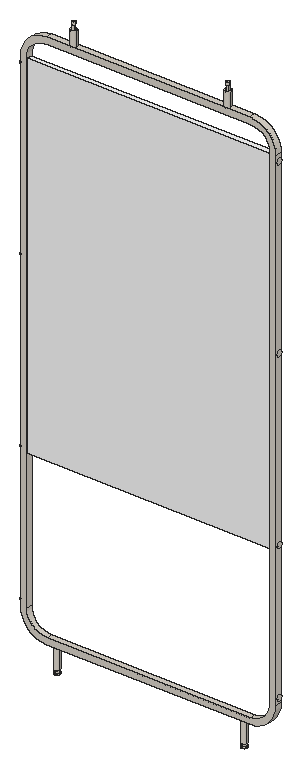
Revit family "Lives-Post+Beam_Fixed Panel_Whiteboard+Spandrel_BLS5B4", category Furniture, Revit 2021
Family settings
  OmniClass Number = 23.40.20.00
  OmniClass Title = General Furniture and Specialties
  Work Plane-Based = No
  Always vertical = Yes
  Cut with Voids When Loaded = No
  Shared = No
  Room Calculation Point = No
Parameters (values of type "（ライトグレージュ）")
  Manufacturer = "株式会社オカムラ"
  製品名称 [instance] = "ライブス ポストビーム"  # constant formula
  製品コード/色仕様 = "BLS5B4"  # constant formula
  製品コード [instance] = "BLS5B4"  # constant formula
  色仕様名称 [instance] = "ライトグレージュ"
  色仕様コード [instance] = ""
  本体 = okm_ZH17
  導入日 [instance] = ""
  共通仕様 = ""
  備考 = ""
  シリアルNo [instance] = ""
  Keynote = "12490"
  パネル = okm_ZE50
  Default Elevation = 0.0"
  Assembly Code = "E2020200"
  W = 35.43307"  # constant formula
  URL = "http://www.okamura.co.jp/"
  Product_URL = ""
  ID [instance] = ""
  H = 80.31496"  # constant formula
  D = 0.82677"  # constant formula
  Copyright [instance] = "©2022.10 okamura Corp."  # constant formula
Types (5): name | 色仕様名称 | 本体
  (no name) | "ライトグレージュ" | okm_ZH17
  （ライトグレージュ） | "ライトグレージュ" | okm_ZH17
  （ブラック） | "ブラック" | okm_ZK25
  （ネオホワイト） | "ネオホワイト" | okm_ZA75
  （ダークグレー） | "ダークグレー" | okm_ZH15
Reference planes (in)
  plane 1 "中心(正面/背面)": y = 0
  plane 2: z = 0
  plane 3 "中心(左/右)": x = 0
  plane 4 "左": x = -17.71654
  plane 5 "右": x = 17.71654
  plane 6 "背面": y = 0.41339
  plane 7 "正面": y = -0.41339
  plane 8 "上": z = 80.31496
  plane 9: z = 78.34646
Forms (in)
  Extrusion 1, solid, material "okm_ZH17" <- "本体"
    sketch origin (0, 0, 0) x (1, 0, 0) y (0, 0, 1)
      loop
        line (-17.61811, 74.76378) -> (-17.61811, 6.92913)
        arc (-17.61811, 6.92913) -> (-16.56877, 4.3958) -> (-14.03543, 3.34646) r 3.58268
        line (-14.03543, 3.34646) -> (14.03543, 3.34646)
        arc (14.03543, 3.34646) -> (16.56877, 4.3958) -> (17.61811, 6.92913) r 3.58268
        line (17.61811, 6.92913) -> (17.61811, 74.76378)
        arc (17.61811, 74.76378) -> (16.56877, 77.29711) -> (14.03543, 78.34646) r 3.58268
        line (14.03543, 78.34646) -> (-14.03543, 78.34646)
        arc (-14.03543, 78.34646) -> (-16.56877, 77.29711) -> (-17.61811, 74.76378) r 3.58268
      loop
        arc (-16.79134, 6.92913) -> (-15.98415, 4.98041) -> (-14.03543, 4.17323) r 2.75591
        line (-14.03543, 4.17323) -> (14.03543, 4.17323)
        arc (14.03543, 4.17323) -> (15.98415, 4.98041) -> (16.79134, 6.92913) r 2.75591
        line (16.79134, 6.92913) -> (16.79134, 74.76378)
        arc (16.79134, 74.76378) -> (15.98415, 76.7125) -> (14.03543, 77.51969) r 2.75591
        line (14.03543, 77.51969) -> (-14.03543, 77.51969)
        arc (-14.03543, 77.51969) -> (-15.98415, 76.7125) -> (-16.79134, 74.76378) r 2.75591
        line (-16.79134, 74.76378) -> (-16.79134, 6.92913)
    from -0.41339 to 0.41339
  Extrusion 2, solid, material "okm_H343"
    sketch origin (0, 0, 0) x (1, 0, 0) y (0, 0, 1)
      loop
        line (-16.79134, 25.9843) -> (16.79134, 25.9843) -> (16.79134, 74.76378) -> (-16.79134, 74.76378) -> (-16.79134, 25.9843)
    from -0.37402 to 0.37402
  Extrusion 3, solid, material "okm_ZH17" <- "本体"
    sketch origin (0, 0, 0.00787) x (0, 1, 0) y (0, 0, 1)
      loop
        circle (0, 7.71654) r 0.35433
      loop
        circle (0, 26.57432) r 0.35433
      loop
        circle (0, 73.96063) r 0.35433
      loop
        circle (0, 50.26801) r 0.35433
    from 17.5748 to 17.71654
  Revolve 4, solid, material "okm_ZH17" <- "本体"
    sketch origin (0, 0, 0) x (1, 0, 0) y (0, 0, 1)
      loop
        line (-10.62992, 81.29921) -> (-10.86614, 81.29921) -> (-10.86614, 81.06299) -> (-10.7874, 81.06299) -> (-10.7874, 80.31496) -> (-11.02362, 80.31496) -> (-11.02362, 78.34646) -> (-10.62992, 78.34646) -> (-10.62992, 81.29921)
      axis (-10.62992, 81.29921) -> (-10.62992, 78.34646)
    angle from 0 to 360
  Revolve 5, solid, material "okm_ZH17" <- "本体"
    sketch origin (0, 0, 0) x (-1, 0, 0) y (0, 0, 1)
      loop
        line (-10.62992, 81.29921) -> (-10.86614, 81.29921) -> (-10.86614, 81.06299) -> (-10.7874, 81.06299) -> (-10.7874, 80.31496) -> (-11.02362, 80.31496) -> (-11.02362, 78.34646) -> (-10.62992, 78.34646) -> (-10.62992, 81.29921)
      axis (-10.62992, 81.29921) -> (-10.62992, 78.34646)
    angle from 0 to 360
  Revolve 6, solid, material "okm_ZH17" <- "本体"
    sketch origin (0, 0, 81.69291) x (1, 0, 0) y (0, 0, -1)
      loop
        line (-13.26969, 81.10236) -> (-13.26969, 78.34646) -> (-12.8937, 78.34646) -> (-12.8937, 81.69291) -> (-13.24729, 81.69291)
        arc (-13.24729, 81.69291) -> (-13.27513, 81.68138) -> (-13.28666, 81.65354) r 0.03937
        line (-13.28666, 81.65354) -> (-13.28666, 81.5748)
        arc (-13.28666, 81.5748) -> (-13.27513, 81.54696) -> (-13.24729, 81.53543) r 0.03937
        line (-13.24729, 81.53543) -> (-13.1892, 81.53543) -> (-13.1892, 81.29921) -> (-13.09055, 81.29921)
        arc (-13.09055, 81.29921) -> (-13.06271, 81.28768) -> (-13.05118, 81.25984) r 0.03937
        line (-13.05118, 81.25984) -> (-13.05118, 81.10236) -> (-13.26969, 81.10236)
      axis (-12.8937, 78.34646) -> (-12.8937, 81.69291)
    angle from 0 to 360
  Revolve 7, solid, material "okm_ZH17" <- "本体"
    sketch origin (0, 0, 81.69291) x (-1, 0, 0) y (0, 0, -1)
      loop
        line (-13.26969, 81.10236) -> (-13.26969, 78.34646) -> (-12.8937, 78.34646) -> (-12.8937, 81.69291) -> (-13.24729, 81.69291)
        arc (-13.24729, 81.69291) -> (-13.27513, 81.68138) -> (-13.28666, 81.65354) r 0.03937
        line (-13.28666, 81.65354) -> (-13.28666, 81.5748)
        arc (-13.28666, 81.5748) -> (-13.27513, 81.54696) -> (-13.24729, 81.53543) r 0.03937
        line (-13.24729, 81.53543) -> (-13.1892, 81.53543) -> (-13.1892, 81.29921) -> (-13.09055, 81.29921)
        arc (-13.09055, 81.29921) -> (-13.06271, 81.28768) -> (-13.05118, 81.25984) r 0.03937
        line (-13.05118, 81.25984) -> (-13.05118, 81.10236) -> (-13.26969, 81.10236)
      axis (-12.8937, 78.34646) -> (-12.8937, 81.69291)
    angle from 0 to 360
  Extrusion 8, solid, material "okm_ZH17" <- "本体"
    sketch origin (0, 0, 0.00787) x (0, 1, 0) y (0, 0, -1)
      loop
        circle (0, -7.71654) r 0.35433
      loop
        circle (0, -26.57432) r 0.35433
      loop
        circle (0, -73.96063) r 0.35433
      loop
        circle (0, -50.26801) r 0.35433
    from 17.5748 to 17.71654
Lines and regions (in)
  Masking region 1
    outline origin (0, 0, 0) x (1, 0, 0) y (0, 1, 0)
      loop
        line (-17.71654, 0.41339) -> (-17.71654, -0.41339) -> (17.71654, -0.41339) -> (17.71654, 0.41339) -> (-17.71654, 0.41339)
  symbolic lines, style "okm_標準・詳細", detail levels medium+fine
    curve 1: line (-17.71654, -0.68898, 0) -> (-17.71654, 0.68898, 0)
  symbolic lines, style "okm_簡略", detail levels coarse
    curve 2: line (-17.71654, 0.68898, 0) -> (-17.71654, -0.68898, 0)
Dimensions and locks (in)
  equal spacing: plane 4 "左", plane 3 "中心(左/右)", plane 5 "右"
  "W": plane 4 "左" to plane 5 "右"
  equal spacing: plane 7 "正面", plane 1 "中心(正面/背面)", plane 6 "背面"
  "D": plane 7 "正面" to plane 6 "背面"
  "H": plane 8 "上" to level
  plane 8 "上" to plane 9 = 1.9685"
  aligned and locked: level to plane 2
Automatic sketch dimensions
  curve 1 to plane 4 "左" = 0.0"
  plane 1 "中心(正面/背面)" to curve 2 = 0.68898"
  curve 2 to plane 1 "中心(正面/背面)" = 0.68898"
  Extrusion 1 sketch curve to Extrusion 1 sketch curve = 0.0"  (x8)
  Extrusion 1 sketch curve to plane 9 = 0.0"
  plane 4 "左" to Extrusion 1 sketch curve = 0.09843"
  Extrusion 1 sketch curve to Extrusion 1 sketch curve = 0.82677"
  Extrusion 1 sketch curve to Extrusion 1 sketch curve = 2.75591"  (x2)
  Extrusion 1 sketch curve to plane 5 "右" = 3.6811"  (x2)
  Extrusion 1 sketch curve to plane 5 "右" = 0.9252"
  level to Extrusion 1 sketch curve = 6.92913"
  plane 4 "左" to Extrusion 2 sketch curve = 0.9252"
  Extrusion 2 sketch curve to plane 5 "右" = 0.9252"
  level to Extrusion 2 sketch curve = 25.9843"
  Extrusion 2 sketch curve to plane 9 = 3.58268"
  plane 1 "中心(正面/背面)" to Extrusion 3 sketch curve = 0.0"  (x4)
  level to Extrusion 3 sketch curve = 7.72441"
  Extrusion 3 sketch curve to Extrusion 3 sketch curve = 18.85779"
  Extrusion 3 sketch curve to Extrusion 3 sketch curve = 23.69369"
  Extrusion 3 sketch curve to plane 9 = 4.37795"
  Masking region 1 sketch curve to plane 4 "左" = 0.0"
  Masking region 1 sketch curve to plane 5 "右" = 0.0"
  plane 1 "中心(正面/背面)" to Masking region 1 sketch curve = 0.41339"
  Masking region 1 sketch curve to plane 1 "中心(正面/背面)" = 0.41339"
  Revolve 4 sketch curve to plane 9 = 0.0"
  Revolve 4 sketch curve to plane 8 "上" = 0.0"
  plane 4 "左" to Revolve 4 sketch curve = 6.69291"
  Revolve 4 sketch curve to Revolve 4 sketch curve = 0.15748"
  Revolve 4 sketch curve to Revolve 4 sketch curve = 0.23622"  (x2)
  Revolve 4 sketch curve to Revolve 4 sketch curve = 0.3937"
  plane 8 "上" to Revolve 4 sketch curve = 0.74803"
  Revolve 4 sketch curve to Revolve 4 sketch curve = 0.0"
  Revolve 4 sketch curve to Revolve 4 sketch curve = 0.03937"
  Revolve 4 sketch curve to Revolve 4 sketch curve = 0.59055"
  Revolve 5 sketch curve to plane 9 = 0.0"
  Revolve 5 sketch curve to plane 8 "上" = 0.0"
  plane 5 "右" to Revolve 5 sketch curve = 6.69291"
  Revolve 5 sketch curve to Revolve 5 sketch curve = 0.15748"
  Revolve 5 sketch curve to Revolve 5 sketch curve = 0.23622"  (x2)
  Revolve 5 sketch curve to Revolve 5 sketch curve = 0.3937"
  Revolve 5 sketch curve to plane 8 "上" = 0.74803"
  Revolve 5 sketch curve to Revolve 5 sketch curve = 0.0"
  Revolve 5 sketch curve to Revolve 5 sketch curve = 0.03937"
  Revolve 5 sketch curve to Revolve 5 sketch curve = 0.59055"
  Revolve 6 sketch curve to level = 0.0"  (x2)
  Revolve 6 sketch curve to level = 0.11811"
  Revolve 6 sketch curve to plane 4 "左" = 4.42987"
  Revolve 6 sketch curve to Revolve 6 sketch curve = 0.01698"
  Revolve 6 sketch curve to Revolve 6 sketch curve = 0.03937"  (x3)
  Revolve 6 sketch curve to Revolve 6 sketch curve = 0.0581"
  Revolve 6 sketch curve to Revolve 6 sketch curve = 0.09864"
  Revolve 6 sketch curve to Revolve 6 sketch curve = 0.37598"
  Revolve 6 sketch curve to Revolve 6 sketch curve = 0.23622"
  Revolve 6 sketch curve to Revolve 6 sketch curve = 0.15748"
  Revolve 6 sketch curve to Revolve 6 sketch curve = 2.75591"
  Revolve 6 sketch curve to Revolve 6 sketch curve = 0.0"
  Revolve 6 sketch curve to Revolve 6 sketch curve = 0.98425"
  Revolve 7 sketch curve to level = 0.0"  (x2)
  level to Revolve 7 sketch curve = 0.11811"
  Revolve 7 sketch curve to plane 5 "右" = 4.42987"
  Revolve 7 sketch curve to Revolve 7 sketch curve = 0.01698"
  Revolve 7 sketch curve to Revolve 7 sketch curve = 0.03937"  (x3)
  Revolve 7 sketch curve to Revolve 7 sketch curve = 0.0581"
  Revolve 7 sketch curve to Revolve 7 sketch curve = 0.09864"
  Revolve 7 sketch curve to Revolve 7 sketch curve = 0.37598"
  Revolve 7 sketch curve to Revolve 7 sketch curve = 0.23622"
  Revolve 7 sketch curve to Revolve 7 sketch curve = 0.15748"
  Revolve 7 sketch curve to Revolve 7 sketch curve = 2.75591"
  Revolve 7 sketch curve to Revolve 7 sketch curve = 0.0"
  Revolve 7 sketch curve to level = 0.98425"
  plane 1 "中心(正面/背面)" to Extrusion 8 sketch curve = 0.0"  (x4)
  Extrusion 8 sketch curve to plane 9 = 4.37795"
  Extrusion 8 sketch curve to Extrusion 8 sketch curve = 23.69262"
  Extrusion 8 sketch curve to Extrusion 8 sketch curve = 23.69369"
  level to Extrusion 8 sketch curve = 7.72441"
  radius of Extrusion 3 sketch curve = 0.35433"  (x4)
  radius of Extrusion 8 sketch curve = 0.35433"  (x4)
